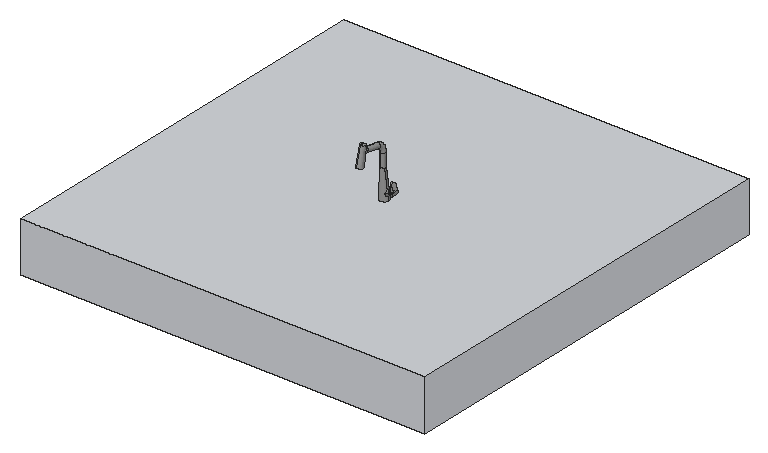
Revit family "LQ5000001_Lavaplatos Monocontrol Liquid", category Aparatos sanitarios, Revit 2019
Family settings
  Anfitrión = Cara
  Cota de conector redondo = Diámetro de uso
  Tipo de pieza = Normal
  Número OmniClass = 23.31.11.00
  Título OmniClass = Faucets
  Corte con vacíos al cargar = No
  Compartido = No
  Punto de cálculo de habitación = No
Parameters
  Vida útil o desgaste (unidad) = "500.000 ciclos."  # constant formula
  Temperatura mínima de Trabajo = "5°C / 41 °F"  # constant formula
  Temperatura máxima de trabajo = "71°C / 159,8°F"  # constant formula
  Weight = "2500 g"  # constant formula
  Garantía = "30 años"  # constant formula
  Conexión de residuos = yes
  Warranty = "30 años"  # constant formula
  URL = "https://corona.co/productos/griferias/griferia-para-lavaplatos-liquid/p/Griferia-para-Lavaplatos-Liquid-Cromo"
  Reference = "LQ5010001"  # constant formula
  Profundidad = 226 mm  # constant formula
  Presion minima = "20 psi (140 Kpa)."  # constant formula
  Presion maxima = "125 psi (860 Kpa)."  # constant formula
  Peso neto = ".350 g. - 5,18 lb."  # constant formula
  Peso  Bruto = "2.600 g. - 5,73 lb."  # constant formula
  Material = Corona_Metálico
  Fabricante = "Corona"  # constant formula
  Conexión AC = yes
  Fecha de creación = "14/08/2020"  # constant formula
  Fabrication place = "Colombia"  # constant formula
  Diámetro desagüe = 15 mm  # constant formula
  Descripción = "La línea de griferías, duchas y accesorios Liquid se inspira en la tensión superficial del agua\r\ny en cómo esta crea formas armoniosas adaptándose al ambiente. Al igual que el agua,\r\nlas superficies de las griferías Liquid juegan con la luz y los reflejos que fluyen alrededor\r\nde sus formas, sus líneas continuas y simplicidad formal proporcionan la ventaja práctica,\r\nlimpieza sin esfuerzo"  # constant formula
  Default Elevation = 1219.2 mm
  Creado por = "IDD"  # constant formula
  Capacidad de flujo estimada real a 60 psi = "5,6 L/min."  # constant formula
  Conexión AF = yes
  Ancho = 55 mm
  Alto = 368 mm  # constant formula
Reference planes
  plane 1 "Center (Front/Back)": y = 0
  plane 2: z = 0
  plane 3 "Center (Left/Right)": x = 0
  plane 4: x = 27.5
  plane 5: x = -27.5
  plane 6: z = 368
Forms (mm)
  Extrusion 1, solid
    sketch origin (0, 0, 0) x (1, 0, 0) y (0, 1, 0)
      loop
        line (-1219.2, 1219.2) -> (-1219.2, -1219.2) -> (1219.2, -1219.2) -> (1219.2, 1219.2) -> (-1219.2, 1219.2)
    from 0 to -304.8
  Extrusion 2, solid, material "Corona_Metálico" <- "Material", detail levels coarse
    sketch origin (0, 0, 0) x (1, 0, 0) y (0, 0, 1)
      loop
        line (-28.909, 368.5) -> (-28.909, 0) -> (69.136, 0) -> (69.136, 368.5) -> (-28.909, 368.5)
    from -29.248 to 206.428
Dimensions and locks
  equal spacing: plane 5, plane 3 "Center (Left/Right)", plane 4
  "Ancho": plane 5 to plane 4
  "Alto": plane 6 to Extrusion 1
  aligned and locked: plane 2 to Extrusion 1
  aligned and locked: level to Extrusion 1
Automatic sketch dimensions
  Extrusion 1 sketch curve to Extrusion 1 sketch curve = 2438.4 mm  (x2)
  Extrusion 2 sketch curve to level = 0 mm
  Extrusion 2 sketch curve to plane 4 = 41.636 mm
  Extrusion 2 sketch curve to plane 6 = 0.5 mm
  Extrusion 2 sketch curve to plane 5 = 1.409 mm
Nested families
  nested 1: "LQ5000001_Lavamanos Liquid" at (0, 0, 0), type "LQ5010001 LVP 8 PLG LIQUID"
Definition of nested family "LQ5000001_Lavamanos Liquid"
  Parameters (values of type "LQ5010001 LVP 8 PLG LIQUID")
    Width = 60 mm
    Material = none
    Height = 368.5 mm
    Finish = none
    Depth = 198.7 mm
  Reference planes
    plane 1 "Center (Front/Back)": y = 0
    plane 2: z = 0
    plane 3 "Center (Left/Right)": x = 0
    plane 4 "Center L/S": x = 30
    plane 5 "Center L/T": x = -30
    plane 6: z = 368.5
    plane 7 "Center L/U": y = -150
    plane 8 "Center L/V": y = 150
    plane 9 "Center L/W": y = -198.7
  Forms (mm)
    Blend 1, solid
      base sketch origin (0, -536.027, 201.998) x (1, 0, 0) y (0, -0.190809, -0.981627)
        loop
          spline (-15, -198.7) -> (-14.489, -205.17) -> (-12.99, -211.2) -> (-10.607, -216.378) -> (-7.5, -220.351) -> (-3.882, -222.848) -> (0, -223.7) -> (3.882, -222.848) -> (7.5, -220.351) -> (10.607, -216.378) -> (12.99, -211.2) -> (14.489, -205.17) -> (15, -198.7)
          spline (15, -198.7) -> (14.489, -192.23) -> (12.99, -186.2) -> (10.607, -181.022) -> (7.5, -177.049) -> (3.882, -174.552) -> (0, -173.7) -> (-3.882, -174.552) -> (-7.5, -177.049) -> (-10.607, -181.022) -> (-12.99, -186.2) -> (-14.489, -192.23) -> (-15, -198.7)
      top sketch origin (0, -536.027, 201.998) x (1, 0, 0) y (0, -0.190809, -0.981627)
        loop
          circle (0, -198.7) r 15
      from 339.559 to 360.227
    Revolve 2, solid
      sketch origin (0, -4.75, 0) x (0, 1, 0) y (0, 0, 1)
        loop
          line (-192.07, 253.68) -> (-189.785, 255.965) -> (-179.929, 254.049) -> (-158.225, 365.709) -> (-169.392, 367.882)
          arc (-169.392, 367.882) -> (-172.152, 367.345) -> (-173.765, 365.041) r 3.752
          line (-173.765, 365.041) -> (-199.091, 255.045) -> (-192.07, 253.68)
        axis (-158.224, 365.711) -> (-180.441, 251.42)
      angle from 0 to 360
    Sweep 3, solid, material <- "Material"
      path origin (0, 0, 0) x (0, 1, 0) y (0, 0, 1)
        loop
          line (-12.25, 181.25) -> (-12.25, 261.057)
          arc (-12.25, 261.057) -> (-23.985, 293.389) -> (-53.726, 310.667) r 50.408
          line (-53.726, 310.667) -> (-144.505, 328.313)
      profile origin (0, -12.25, 221.153) x (0, -1, 0) y (1, 0, 0)
        loop
          circle (0, 0) r 15
    Blend 4, solid, material <- "Material"
      base sketch origin (0, 0, 0) x (1, 0, 0) y (0, 1, 0)
        loop
          circle (0, 0) r 27.25
      top sketch origin (0, 0, 0) x (1, 0, 0) y (0, 1, 0)
        loop
          circle (0, -12.25) r 15
      from 0 to 181.25
    Revolve 5, solid
      sketch origin (0, 0, 0) x (1, 0, 0) y (0, 0, 1)
        loop
          line (0, 0) -> (-20, 0) -> (-20, -20) -> (-30, -20) -> (-30, -25) -> (-22.262, -25) -> (-22.262, -43.342) -> (-25.357, -43.342) -> (-25.357, -73.342) -> (-28.258, -73.342) -> (-28.258, -103.023) -> (0, -103.023) -> (0, 0)
        axis (0, 0) -> (0, -103.023)
      angle from 0 to 360
    SweptBlend 6, solid, material <- "Material", detail levels medium+fine
      path origin (-10.135, 0, -0.113) x (1, 0, 0) y (0, 0, 1)
        loop
          line (29.977, 43.795) -> (55.615, 51.147)
      profile origin (19.842, 0, 43.682) x (-0.275637, 0, 0.961262) y (0, -1, 0)
        loop
          arc (0, 20) -> (-14.142, 14.142) -> (-20, 0) r 20
          arc (-20, 0) -> (-14.142, -14.142) -> (0, -20) r 20
          arc (0, -20) -> (14.142, -14.142) -> (20, 0) r 20
          arc (20, 0) -> (14.142, 14.142) -> (0, 20) r 20
      end profile origin (45.48, 0, 51.034) x (-0.275637, 0, 0.961262) y (0, -1, 0)
        loop
          arc (-16.779, 0) -> (-11.865, -11.865) -> (0, -16.779) r 16.779
          arc (0, -16.779) -> (11.865, -11.865) -> (16.779, 0) r 16.779
          arc (16.779, 0) -> (11.865, 11.865) -> (0, 16.779) r 16.779
          arc (0, 16.779) -> (-11.865, 11.865) -> (-16.779, 0) r 16.779
    Extrusion 7, solid, material <- "Material", detail levels medium+fine
      sketch origin (56.896, 0, 11.222) x (0.275637, 0, -0.961262) y (0, -1, 0)
        loop
          arc (-33.836, -16.779) -> (-17.057, 0) -> (-33.836, 16.779) r 16.779
          arc (-33.836, 16.779) -> (-37.779, 16.309) -> (-41.501, 14.926) r 16.779
          arc (-41.501, 14.926) -> (-44.442, 13.792) -> (-47.557, 13.304) r 14.857
          line (-47.557, 13.304) -> (-81.696, 11.623)
          arc (-81.696, 11.623) -> (-91.277, 0) -> (-81.696, -11.623) r 11.84
          line (-81.696, -11.623) -> (-47.557, -13.304)
          arc (-47.557, -13.304) -> (-44.442, -13.792) -> (-41.501, -14.926) r 14.857
          arc (-41.501, -14.926) -> (-37.779, -16.309) -> (-33.836, -16.779) r 16.779
      from 0 to -25.13
    Extrusion 8, void, detail levels medium+fine
      sketch origin (-10.135, 0, -0.113) x (1, 0, 0) y (0, 0, 1)
        loop
          arc (50.99, 67.276) -> (54.755, 69.96) -> (56.745, 74.134) r 9.226
          arc (56.745, 74.134) -> (57.465, 81.634) -> (56.745, 89.134) r 39.392
          arc (56.745, 89.134) -> (55.5, 94.323) -> (53.806, 99.383) r 60.874
          arc (53.806, 99.383) -> (53.454, 104.895) -> (56.305, 109.625) r 9.249
          arc (56.305, 109.625) -> (57.564, 110.465) -> (59.001, 110.938) r 5.584
          arc (59.001, 110.938) -> (62.168, 110.059) -> (64.076, 107.384) r 4.922
          line (64.076, 107.384) -> (77.343, 61.117)
          arc (77.343, 61.117) -> (74.459, 42.92) -> (58.664, 33.435) r 21.793
          line (58.664, 33.435) -> (61.632, 23.083) -> (87.892, 30.613) -> (63.98, 114.003) -> (39.597, 107.011) -> (50.99, 67.276)
      from -34.72 to 25
    SweptBlend 9, void, detail levels medium+fine
      path in 3D
        loop
          arc (45.48, -16.779, 51.034) -> (42.21, -11.865, 62.439) -> (40.855, 0, 67.163) r 16.779
      profile origin (45.48, -16.779, 51.034) x (0, -1, 0) y (0.961262, 0, 0.275637)
        loop
          line (0, 0) -> (25, 0) -> (25, 10)
          arc (25, 10) -> (18.75, 10.468) -> (12.5, 10) r 42
          arc (12.5, 10) -> (4.909, 6.676) -> (0, 0) r 16
      end profile origin (40.855, 0, 67.163) x (-0.275637, 0, 0.961262) y (0.961262, 0, 0.275637)
        loop
          line (0, 0) -> (25, 0) -> (25, 10)
          arc (25, 10) -> (18.75, 10.468) -> (12.5, 10) r 42
          arc (12.5, 10) -> (4.907, 6.678) -> (0, 0) r 15.978
    SweptBlend 10, void, detail levels medium+fine
      path in 3D
        loop
          arc (45.48, 16.779, 51.034) -> (42.21, 11.865, 62.439) -> (40.855, 0, 67.163) r 16.779
      profile origin (45.48, 16.779, 51.034) x (0, -1, 0) y (0.961262, 0, 0.275637)
        loop
          arc (0, 0) -> (-4.909, 6.676) -> (-12.5, 10) r 16
          arc (-12.5, 10) -> (-18.75, 10.468) -> (-25, 10) r 42
          line (-25, 10) -> (-25, 0) -> (0, 0)
      end profile origin (40.855, 0, 67.163) x (0.275637, 0, -0.961262) y (0.961262, 0, 0.275637)
        loop
          arc (0, 0) -> (-4.907, 6.678) -> (-12.5, 10) r 15.978
          arc (-12.5, 10) -> (-18.75, 10.468) -> (-25, 10) r 42
          line (-25, 10) -> (-25, 0) -> (0, 0)
  Cuts and joins
    joined: Blend 1, Revolve 2
    joined: Sweep 3, Blend 4
    Extrusion 8, SweptBlend 9, SweptBlend 10 cuts Extrusion 7
  Lines and regions (mm)
    sketch lines
      curve 1: arc (45.48, -16.779, 51.034) -> (42.21, -11.865, 62.439) -> (40.855, 0, 67.163) r 16.779
      curve 2: arc (45.48, 16.779, 51.034) -> (42.21, 11.865, 62.439) -> (40.855, 0, 67.163) r 16.779
  Dimensions and locks
    equal spacing: plane 5 "Center L/T", plane 3 "Center (Left/Right)", plane 4 "Center L/S"
    "Width": plane 5 "Center L/T" to plane 4 "Center L/S"
    "Height": plane 6 to level
    "Depth": plane 9 "Center L/W" to plane 1 "Center (Front/Back)"
    plane 6 to level = 368.5 mm
    aligned and locked: level to plane 2
  Automatic sketch dimensions
    Blend 1 sketch curve to plane 3 "Center (Left/Right)" = 0 mm  (x2)
    Blend 1 sketch curve to plane 3 "Center (Left/Right)" = 15 mm
    plane 9 "Center L/W" to Revolve 2 sketch curve = 5.141 mm
    Revolve 2 sketch curve to plane 9 "Center L/W" = 1.88 mm
    Revolve 2 sketch curve to Revolve 2 sketch curve = 2.285 mm  (x2)
    Revolve 2 sketch curve to Revolve 2 sketch curve = 9.856 mm
    Revolve 2 sketch curve to plane 6 = 3.459 mm
    Revolve 2 sketch curve to plane 9 "Center L/W" = 20.185 mm
    Revolve 2 sketch curve to Revolve 2 sketch curve = 3.656 mm
    Revolve 2 sketch curve to plane 6 = 0.618 mm
    Revolve 2 sketch curve to Revolve 2 sketch curve = 0.717 mm
    Revolve 2 sketch curve to plane 6 = 2.791 mm  (x2)
    Revolve 2 sketch curve to Revolve 2 sketch curve = 11.167 mm
    Revolve 2 sketch curve to Revolve 2 sketch curve = 108.234 mm
    Revolve 2 sketch curve to Revolve 2 sketch curve = 0.92 mm
    Revolve 2 sketch curve to Revolve 2 sketch curve = 0 mm  (x3)
    plane 1 "Center (Front/Back)" to Sweep 3 sketch curve = 62.658 mm
    Sweep 3 sketch curve to Sweep 3 sketch curve = 8.932 mm
    plane 1 "Center (Front/Back)" to Sweep 3 sketch curve = 12.25 mm
    Sweep 3 sketch curve to plane 6 = 107.443 mm
    Sweep 3 sketch curve to plane 7 "Center L/U" = 5.495 mm
    Sweep 3 sketch curve to Sweep 3 sketch curve = 79.808 mm
    Sweep 3 sketch curve to plane 6 = 40.187 mm
    Sweep 3 sketch curve to plane 3 "Center (Left/Right)" = 0 mm
    Sweep 3 sketch curve to profile plane = 0 mm
    plane 1 "Center (Front/Back)" to Blend 4 sketch curve = 0 mm
    Blend 4 sketch curve to plane 3 "Center (Left/Right)" = 0 mm  (x2)
    plane 1 "Center (Front/Back)" to Blend 4 sketch curve = 12.25 mm
    Revolve 5 sketch curve to level = 0 mm
    Revolve 5 sketch curve to plane 3 "Center (Left/Right)" = 0 mm  (x2)
    Revolve 5 sketch curve to plane 3 "Center (Left/Right)" = 20 mm
    Revolve 5 sketch curve to Revolve 5 sketch curve = 2.262 mm
    Revolve 5 sketch curve to Revolve 5 sketch curve = 3.095 mm
    Revolve 5 sketch curve to plane 3 "Center (Left/Right)" = 28.258 mm
    Revolve 5 sketch curve to Revolve 5 sketch curve = 7.738 mm
    Revolve 5 sketch curve to level = 20 mm
    Revolve 5 sketch curve to Revolve 5 sketch curve = 5 mm
    Revolve 5 sketch curve to Revolve 5 sketch curve = 18.342 mm
    Revolve 5 sketch curve to Revolve 5 sketch curve = 30 mm
    Revolve 5 sketch curve to Revolve 5 sketch curve = 29.68 mm
    Revolve 5 sketch curve to Revolve 5 sketch curve = 13.748 mm
    level to Revolve 5 sketch curve = 8.23 mm
    plane 3 "Center (Left/Right)" to SweptBlend 6 sketch curve = 19.842 mm
    level to SweptBlend 6 sketch curve = 43.682 mm
    SweptBlend 6 sketch curve to SweptBlend 6 sketch curve = 25.638 mm
    SweptBlend 6 sketch curve to SweptBlend 6 sketch curve = 7.352 mm
    SweptBlend 6 sketch curve to SweptBlend 6 sketch curve = 0 mm  (x24)
    profile plane to SweptBlend 6 sketch curve = 0 mm  (x2)
    SweptBlend 6 sketch curve to profile plane = 0 mm  (x2)
    profile plane to SweptBlend 6 sketch curve = 20 mm
    SweptBlend 6 sketch curve to SweptBlend 6 sketch curve = 16.779 mm
    Extrusion 7 sketch curve to Extrusion 7 sketch curve = 0 mm  (x7)
    Extrusion 7 sketch curve to plane 1 "Center (Front/Back)" = 0 mm  (x2)
    plane 1 "Center (Front/Back)" to Extrusion 7 sketch curve = 11.623 mm
    Extrusion 7 sketch curve to plane 1 "Center (Front/Back)" = 11.623 mm
    Extrusion 7 sketch curve to Extrusion 7 sketch curve = 2.259 mm
    Extrusion 7 sketch curve to Extrusion 7 sketch curve = 33.409 mm  (x2)
    plane 1 "Center (Front/Back)" to Extrusion 7 sketch curve = 13.304 mm
    Extrusion 7 sketch curve to Extrusion 7 sketch curve = 0.731 mm  (x2)
    Extrusion 7 sketch curve to plane 1 "Center (Front/Back)" = 13.304 mm
    Extrusion 7 sketch curve to Extrusion 7 sketch curve = 13.721 mm
    Extrusion 7 sketch curve to Extrusion 7 sketch curve = 14.839 mm  (x2)
    Extrusion 8 sketch curve to plane 3 "Center (Left/Right)" = 13.151 mm
    plane 3 "Center (Left/Right)" to Extrusion 8 sketch curve = 7.938 mm
    plane 3 "Center (Left/Right)" to Extrusion 8 sketch curve = 29.461 mm
    plane 3 "Center (Left/Right)" to Extrusion 8 sketch curve = 37.553 mm
    Extrusion 8 sketch curve to Extrusion 8 sketch curve = 3.302 mm
    Extrusion 8 sketch curve to Extrusion 8 sketch curve = 5.404 mm
    Extrusion 8 sketch curve to Extrusion 8 sketch curve = 2.269 mm
    Extrusion 8 sketch curve to Extrusion 8 sketch curve = 19.748 mm
    Extrusion 8 sketch curve to Extrusion 8 sketch curve = 0.664 mm
    level to Extrusion 8 sketch curve = 22.97 mm
    Extrusion 8 sketch curve to Extrusion 8 sketch curve = 2.968 mm
    Extrusion 8 sketch curve to Extrusion 8 sketch curve = 2.431 mm
    Extrusion 8 sketch curve to Extrusion 8 sketch curve = 4.636 mm
    Extrusion 8 sketch curve to Extrusion 8 sketch curve = 4.068 mm
    Extrusion 8 sketch curve to Extrusion 8 sketch curve = 20.949 mm
    level to Extrusion 8 sketch curve = 30.5 mm
    Extrusion 8 sketch curve to Extrusion 8 sketch curve = 26.26 mm
    Extrusion 8 sketch curve to Extrusion 8 sketch curve = 12.167 mm
    Extrusion 8 sketch curve to Extrusion 8 sketch curve = 8.614 mm
    Extrusion 8 sketch curve to Extrusion 8 sketch curve = 1.654 mm
    Extrusion 8 sketch curve to Extrusion 8 sketch curve = 4.09 mm
    Extrusion 8 sketch curve to Extrusion 8 sketch curve = 11.302 mm
    Extrusion 8 sketch curve to Extrusion 8 sketch curve = 2.743 mm
    Extrusion 8 sketch curve to Extrusion 8 sketch curve = 0.582 mm
    Extrusion 8 sketch curve to Extrusion 8 sketch curve = 1.939 mm
    Extrusion 8 sketch curve to Extrusion 8 sketch curve = 5.539 mm
    Extrusion 8 sketch curve to Extrusion 8 sketch curve = 0 mm  (x3)
    profile plane to SweptBlend 9 sketch curve = 0 mm  (x2)
    SweptBlend 9 sketch curve to profile plane = 5.798 mm
    SweptBlend 9 sketch curve to profile plane = 14.889 mm
    SweptBlend 9 sketch curve to profile plane = 18.75 mm  (x2)
    SweptBlend 9 sketch curve to SweptBlend 9 sketch curve = 10.111 mm
    SweptBlend 9 sketch curve to SweptBlend 9 sketch curve = 25.734 mm
    SweptBlend 9 sketch curve to SweptBlend 9 sketch curve = 10 mm
    SweptBlend 9 sketch curve to profile plane = 0 mm  (x2)
    SweptBlend 9 sketch curve to profile plane = 5.818 mm
    SweptBlend 9 sketch curve to profile plane = 14.905 mm
    SweptBlend 9 sketch curve to SweptBlend 9 sketch curve = 10.095 mm
    SweptBlend 9 sketch curve to SweptBlend 9 sketch curve = 25.714 mm
    profile plane to SweptBlend 9 sketch curve = 10 mm
    profile plane to SweptBlend 10 sketch curve = 0 mm
    profile plane to SweptBlend 10 sketch curve = 25 mm
    profile plane to SweptBlend 10 sketch curve = 18.75 mm  (x2)
    SweptBlend 10 sketch curve to SweptBlend 10 sketch curve = 10.111 mm
    SweptBlend 10 sketch curve to profile plane = 0 mm  (x3)
    SweptBlend 10 sketch curve to profile plane = 5.798 mm
    SweptBlend 10 sketch curve to SweptBlend 10 sketch curve = 25.734 mm
    SweptBlend 10 sketch curve to SweptBlend 10 sketch curve = 10 mm
    SweptBlend 10 sketch curve to profile plane = 5.818 mm
    profile plane to SweptBlend 10 sketch curve = 14.905 mm
    profile plane to SweptBlend 10 sketch curve = 10 mm
    SweptBlend 10 sketch curve to SweptBlend 10 sketch curve = 10.095 mm
    SweptBlend 10 sketch curve to SweptBlend 10 sketch curve = 25.714 mm
    radius of Blend 1 sketch curve = 15 mm
    radius of Sweep 3 sketch curve = 15 mm
    radius of Blend 4 sketch curve = 27.25 mm
    radius of Blend 4 sketch curve = 15 mm
  Connectors
    piping at (0, 0, -103.023), diameter 50
      settings: on Revolve 5, index 1, connector inside diameter 609.6 mm, connector length 0 mm, flow factor 0, pipe flow 0.0 L/s, pressure drop 0.0 Pa, fitting loss kfactor 0, connector angle 0.00°, fixture units 0, engagement length 0 mm, angle of deflection 0.00°, flow configuration 0, flow direction 0, fitting loss method 0, system type 7, joint type 0, gender type 0, connector reference index -1, connector utility 0, adjustable connector no, is connector primary yes, connector description ""
